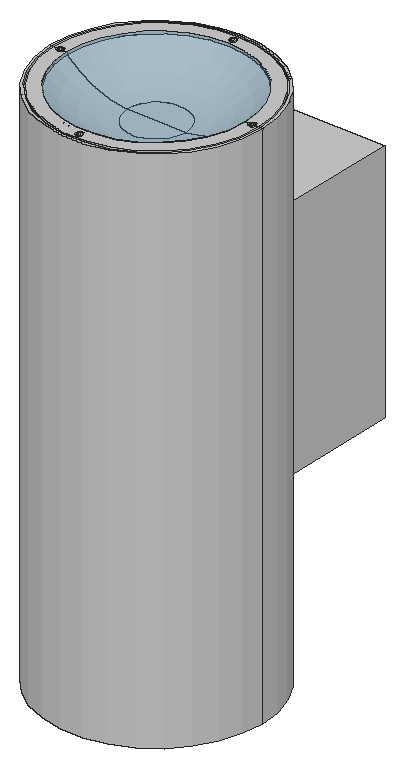
Revit family "WALL DOUBLE TUBE 01_AM16W.1.24", category Luminarias, Revit 2019
Family settings
  Cota de conector redondo = Diámetro de uso
  Tipo de pieza = Normal
  Se basa en plano de trabajo = Sí
  Siempre vertical = No
  Corte con vacíos al cargar = No
  Origen de luz = Sí
  Compartido = No
  Punto de cálculo de habitación = No
Parameters (values of type "WALL DOUBLE TUBE 01_AM16W.1.24")
  Ángulo de inclinación = 60.00°
  Zone [instance] = ""
  Watt per fixture = 20
  Wattage = 20 W
  built-in parameter 1150107 = 3000 (stored number, unit not read)
  built-in parameter 1150110 = 1 (stored number, unit not read)
  built-in parameter 1150109 = 1 (stored number, unit not read)
  built-in parameter 1150112 = 1 (stored number, unit not read)
  built-in parameter 1150113 = 1 (stored number, unit not read)
  built-in parameter 1114218 = 1 (stored number, unit not read)
  Keynote = ""
  built-in parameter 1150137 = (empty or 0)
  built-in parameter 1150132 = (empty or 0)
  Modelo = "AM16W.1.24"
  Lámpara = "NICHIA"
  built-in parameter 1150105 = 156.93 (stored number, unit not read)
  built-in parameter 1150102 = (empty or 0)
  built-in parameter 1150106 = 1.5693 (stored number, unit not read)
  Lumens = 1972 lm
  Color Filter = 16777215
  built-in parameter 1114217 = 1 (stored number, unit not read)
  built-in parameter 1150139 = (empty or 0)
  Fabricante = "BRILLANT"
  Default Elevation = 0 mm
  built-in parameter 1150104 = 9.1602 (stored number, unit not read)
  Descripción = "LUMINARIA DIRIGIBLE EN FORMA TUBULAR TIPO ARBOTANTE DOBLE DE HAZ (UP & DOWN), DE MATERIAL EN ALEACION DE ALUMINIO EXTRUIDO CON UN PESO DE 1.5KG, CON 2 LED TIPO NICHIA CON UNA POTENCIA TOTAL DE 20W, 2X986 LUMENES, TEMPERATURA EN BLANCO CALIDO 3000K, IRC 80, IP 65, IK10, APERTURA DE  24 GRADOS EN STOCK, CORRIENTE DE OPERACIÓN 163mA, CABLE DE 0.3M, ALIMENTADO A 100-277VAC"
  built-in parameter 1150115 = 1 (stored number, unit not read)
  built-in parameter 1150114 = 1 (stored number, unit not read)
  Comentarios de vataje = "100-277V"
  built-in parameter 1150138 = (empty or 0)
  built-in parameter 1150134 = (empty or 0)
  Circuit [instance] = ""
  Dimming Lamp Color Temperature Shift = (empty or 0)
  Archivo de red fotométrica = "AM16W.1_24º.IES"
  built-in parameter 1150133 = 10 (stored number, unit not read)
Reference planes
  plane 1 "Centro (Frontal/Posterior)": y = 0
  plane 2: z = 0
  plane 3 "Centro (Izquierda/Derecha)": x = 0
Forms (mm)
  Revolve 1, solid, material "Cristal", not visible
    sketch origin (-152, 0, 0) x (0, 1, 0) y (0, 0, -1)
      loop
        line (0, -8.749) -> (0, -7.25) -> (-1.499, -7.25)
        arc (-1.499, -7.25) -> (-1.06, -8.31) -> (0, -8.749) r 1.499
      axis (0, -7.25) -> (-1.499, -7.25)
    angle from 0 to 360
  Revolve 2, solid, material "Cristal", not visible
    sketch origin (-136, 0, 0) x (0, 1, 0) y (0, 0, -1)
      loop
        line (0, -8.749) -> (0, -7.25) -> (-1.499, -7.25)
        arc (-1.499, -7.25) -> (-1.06, -8.31) -> (0, -8.749) r 1.499
      axis (0, -7.25) -> (-1.499, -7.25)
    angle from 0 to 360
  Revolve 3, solid, material "Cristal", not visible
    sketch origin (-120, 0, 0) x (0, 1, 0) y (0, 0, -1)
      loop
        line (0, -8.749) -> (0, -7.25) -> (-1.499, -7.25)
        arc (-1.499, -7.25) -> (-1.06, -8.31) -> (0, -8.749) r 1.499
      axis (0, -7.25) -> (-1.499, -7.25)
    angle from 0 to 360
  Revolve 4, solid, material "Cristal", not visible
    sketch origin (-104, 0, 0) x (0, 1, 0) y (0, 0, -1)
      loop
        line (0, -8.749) -> (0, -7.25) -> (-1.499, -7.25)
        arc (-1.499, -7.25) -> (-1.06, -8.31) -> (0, -8.749) r 1.499
      axis (0, -7.25) -> (-1.499, -7.25)
    angle from 0 to 360
  Revolve 5, solid, material "Cristal", not visible
    sketch origin (-88, 0, 0) x (0, 1, 0) y (0, 0, -1)
      loop
        line (0, -8.749) -> (0, -7.25) -> (-1.499, -7.25)
        arc (-1.499, -7.25) -> (-1.06, -8.31) -> (0, -8.749) r 1.499
      axis (0, -7.25) -> (-1.499, -7.25)
    angle from 0 to 360
  Revolve 6, solid, material "Cristal", not visible
    sketch origin (-72, 0, 0) x (0, 1, 0) y (0, 0, -1)
      loop
        line (0, -8.749) -> (0, -7.25) -> (-1.499, -7.25)
        arc (-1.499, -7.25) -> (-1.06, -8.31) -> (0, -8.749) r 1.499
      axis (0, -7.25) -> (-1.499, -7.25)
    angle from 0 to 360
  Revolve 7, solid, material "Cristal", not visible
    sketch origin (-56, 0, 0) x (0, 1, 0) y (0, 0, -1)
      loop
        line (0, -8.749) -> (0, -7.25) -> (-1.499, -7.25)
        arc (-1.499, -7.25) -> (-1.06, -8.31) -> (0, -8.749) r 1.499
      axis (0, -7.25) -> (-1.499, -7.25)
    angle from 0 to 360
  Revolve 8, solid, material "Cristal", not visible
    sketch origin (-40, 0, 0) x (0, 1, 0) y (0, 0, -1)
      loop
        line (0, -8.749) -> (0, -7.25) -> (-1.499, -7.25)
        arc (-1.499, -7.25) -> (-1.06, -8.31) -> (0, -8.749) r 1.499
      axis (0, -7.25) -> (-1.499, -7.25)
    angle from 0 to 360
  Revolve 9, solid, material "Cristal", not visible
    sketch origin (-24, 0, 0) x (0, 1, 0) y (0, 0, -1)
      loop
        line (0, -8.749) -> (0, -7.25) -> (-1.499, -7.25)
        arc (-1.499, -7.25) -> (-1.06, -8.31) -> (0, -8.749) r 1.499
      axis (0, -7.25) -> (-1.499, -7.25)
    angle from 0 to 360
  Revolve 10, solid, material "Cristal", not visible
    sketch origin (-8, 0, 0) x (0, 1, 0) y (0, 0, -1)
      loop
        line (0, -8.749) -> (0, -7.25) -> (-1.499, -7.25)
        arc (-1.499, -7.25) -> (-1.06, -8.31) -> (0, -8.749) r 1.499
      axis (0, -7.25) -> (-1.499, -7.25)
    angle from 0 to 360
  Revolve 11, solid, material "Cristal", not visible
    sketch origin (8, 0, 0) x (0, 1, 0) y (0, 0, -1)
      loop
        line (0, -8.749) -> (0, -7.25) -> (-1.499, -7.25)
        arc (-1.499, -7.25) -> (-1.06, -8.31) -> (0, -8.749) r 1.499
      axis (0, -7.25) -> (-1.499, -7.25)
    angle from 0 to 360
  Revolve 12, solid, material "Cristal", not visible
    sketch origin (24, 0, 0) x (0, 1, 0) y (0, 0, -1)
      loop
        line (0, -8.749) -> (0, -7.25) -> (-1.499, -7.25)
        arc (-1.499, -7.25) -> (-1.06, -8.31) -> (0, -8.749) r 1.499
      axis (0, -7.25) -> (-1.499, -7.25)
    angle from 0 to 360
  Revolve 13, solid, material "Cristal", not visible
    sketch origin (40, 0, 0) x (0, 1, 0) y (0, 0, -1)
      loop
        line (0, -8.749) -> (0, -7.25) -> (-1.499, -7.25)
        arc (-1.499, -7.25) -> (-1.06, -8.31) -> (0, -8.749) r 1.499
      axis (0, -7.25) -> (-1.499, -7.25)
    angle from 0 to 360
  Revolve 14, solid, material "Cristal", not visible
    sketch origin (56, 0, 0) x (0, 1, 0) y (0, 0, -1)
      loop
        line (0, -8.749) -> (0, -7.25) -> (-1.499, -7.25)
        arc (-1.499, -7.25) -> (-1.06, -8.31) -> (0, -8.749) r 1.499
      axis (0, -7.25) -> (-1.499, -7.25)
    angle from 0 to 360
  Revolve 15, solid, material "Cristal", not visible
    sketch origin (72, 0, 0) x (0, 1, 0) y (0, 0, -1)
      loop
        line (0, -8.749) -> (0, -7.25) -> (-1.499, -7.25)
        arc (-1.499, -7.25) -> (-1.06, -8.31) -> (0, -8.749) r 1.499
      axis (0, -7.25) -> (-1.499, -7.25)
    angle from 0 to 360
  Revolve 16, solid, material "Cristal", not visible
    sketch origin (88, 0, 0) x (0, 1, 0) y (0, 0, -1)
      loop
        line (0, -8.749) -> (0, -7.25) -> (-1.499, -7.25)
        arc (-1.499, -7.25) -> (-1.06, -8.31) -> (0, -8.749) r 1.499
      axis (0, -7.25) -> (-1.499, -7.25)
    angle from 0 to 360
  Revolve 17, solid, material "Cristal", not visible
    sketch origin (104, 0, 0) x (0, 1, 0) y (0, 0, -1)
      loop
        line (0, -8.749) -> (0, -7.25) -> (-1.499, -7.25)
        arc (-1.499, -7.25) -> (-1.06, -8.31) -> (0, -8.749) r 1.499
      axis (0, -7.25) -> (-1.499, -7.25)
    angle from 0 to 360
  Revolve 18, solid, material "Cristal", not visible
    sketch origin (120, 0, 0) x (0, 1, 0) y (0, 0, -1)
      loop
        line (0, -8.749) -> (0, -7.25) -> (-1.499, -7.25)
        arc (-1.499, -7.25) -> (-1.06, -8.31) -> (0, -8.749) r 1.499
      axis (0, -7.25) -> (-1.499, -7.25)
    angle from 0 to 360
  Revolve 19, solid, material "Cristal", not visible
    sketch origin (136, 0, 0) x (0, 1, 0) y (0, 0, -1)
      loop
        line (0, -8.749) -> (0, -7.25) -> (-1.499, -7.25)
        arc (-1.499, -7.25) -> (-1.06, -8.31) -> (0, -8.749) r 1.499
      axis (0, -7.25) -> (-1.499, -7.25)
    angle from 0 to 360
  Revolve 20, solid, material "Cristal", not visible
    sketch origin (152, 0, 0) x (0, 1, 0) y (0, 0, -1)
      loop
        line (0, -8.749) -> (0, -7.25) -> (-1.499, -7.25)
        arc (-1.499, -7.25) -> (-1.06, -8.31) -> (0, -8.749) r 1.499
      axis (0, -7.25) -> (-1.499, -7.25)
    angle from 0 to 360
  Revolve 21, solid, material "Acero Inoxidable"
    sketch origin (0, -72, 120.325) x (-1, 0, 0) y (0, 0, 1)
      loop
        line (0, 68.159) -> (-11.124, 68.159)
        arc (-11.124, 68.159) -> (-23.278, 71.406) -> (-33.59, 78.615) r 36.226
        line (-33.59, 78.615) -> (-33.59, 79.488) -> (-38.399, 79.488) -> (-38.399, 78.604) -> (-39.2, 78.604) -> (-39.2, 79.488) -> (-40, 79.488) -> (-40, -120.325) -> (-39.2, -120.325) -> (-39.2, -119.441) -> (-38.399, -119.441) -> (-38.399, -120.325) -> (-33.59, -120.325) -> (-33.59, -119.453)
        arc (-33.59, -119.453) -> (-23.278, -112.244) -> (-11.124, -108.997) r 36.226
        line (-11.124, -108.997) -> (0, -108.997) -> (0, 68.159)
      axis (0, 79.488) -> (0, -120.325)
    angle from 0 to 360
  Extrusion 22, solid, material "Cristal"
    sketch origin (0, 19.494, 0) x (1, 0, 0) y (0, 1, 0)
      loop
        circle (0, -91.494) r 33.59
    from 0 to 0.872
  Extrusion 23, solid, material "Acero Inoxidable"
    sketch origin (0, 0, 0) x (1, 0, 0) y (0, 1, 0)
      loop
        line (-28, 0) -> (-28, -43.434)
        arc (-28, -43.434) -> (0, -32) -> (28, -43.434) r 40
        line (28, -43.434) -> (28, 0) -> (-28, 0)
    from 66.772 to 158.395
  Extrusion 24, void
    sketch origin (0, 0, 0) x (1, 0, 0) y (0, 1, 0)
      loop
        circle (0, -35.958) r 1.283
      loop
        circle (0, -108.042) r 1.283
      loop
        circle (36.019, -72) r 1.283
      loop
        circle (-36.019, -72) r 1.283
    from 0 to 1.671
  Extrusion 25, solid, material "Acero Inoxidable"
    sketch origin (0, 0, 0) x (1, 0, 0) y (0, 1, 0)
      loop
        circle (0, -35.958) r 1.084
      loop
        line (-0.79, -35.958) -> (-0.395, -36.642) -> (0.395, -36.642) -> (0.79, -35.958) -> (0.395, -35.274) -> (-0.395, -35.274) -> (-0.79, -35.958)
      loop
        circle (36.019, -72) r 1.084
      loop
        line (35.229, -72) -> (35.624, -72.684) -> (36.414, -72.684) -> (36.809, -72) -> (36.414, -71.316) -> (35.624, -71.316) -> (35.229, -72)
      loop
        circle (-0.023, -108.042) r 1.084
      loop
        line (-0.813, -108.042) -> (-0.418, -108.726) -> (0.372, -108.726) -> (0.767, -108.042) -> (0.372, -107.358) -> (-0.418, -107.358) -> (-0.813, -108.042)
      loop
        circle (-36.019, -72) r 1.084
      loop
        line (-36.809, -72) -> (-36.414, -72.684) -> (-35.624, -72.684) -> (-35.229, -72) -> (-35.624, -71.316) -> (-36.414, -71.316) -> (-36.809, -72)
    from 0 to 1.671
  Extrusion 26, void
    sketch origin (0, 0, 0) x (1, 0, 0) y (0, 1, 0)
      loop
        circle (-14.364, -17.208) r 3.469
      loop
        circle (14.364, -17.208) r 3.469
    from 66.772 to 70.128
  Extrusion 27, solid, material "Aluminio"
    sketch origin (0, 0, 0) x (1, 0, 0) y (0, 1, 0)
      loop
        circle (-14.364, -17.208) r 3.271
      loop
        line (-16.787, -16.804) -> (-16.787, -17.613) -> (-14.764, -17.613) -> (-14.764, -19.632) -> (-13.964, -19.632) -> (-13.964, -17.613) -> (-11.941, -17.613) -> (-11.941, -16.804) -> (-13.964, -16.804) -> (-13.964, -14.785) -> (-14.764, -14.785) -> (-14.764, -16.804) -> (-16.787, -16.804)
      loop
        circle (14.364, -17.208) r 3.271
      loop
        line (11.941, -16.804) -> (11.941, -17.613) -> (13.964, -17.613) -> (13.964, -19.632) -> (14.764, -19.632) -> (14.764, -17.613) -> (16.787, -17.613) -> (16.787, -16.804) -> (14.764, -16.804) -> (14.764, -14.785) -> (13.964, -14.785) -> (13.964, -16.804) -> (11.941, -16.804)
    from 66.772 to 70.128
  Extrusion 28, solid, material "Cristal"
    sketch origin (0, 19.494, 188) x (0, -1, 0) y (1, 0, 0)
      loop
        circle (91.494, 0) r 33.59
    from 10.941 to 11.813
  Extrusion 29, void
    sketch origin (0, 0, 208) x (0, -1, 0) y (1, 0, 0)
      loop
        circle (35.958, 0) r 1.283
      loop
        circle (108.042, 0) r 1.283
      loop
        circle (72, 36.019) r 1.283
      loop
        circle (72, -36.019) r 1.283
    from -9.858 to -8.187
  Extrusion 30, solid, material "Acero Inoxidable"
    sketch origin (0, 0, 198.142) x (0, -1, 0) y (1, 0, 0)
      loop
        circle (35.958, 0) r 1.084
      loop
        line (35.958, -0.79) -> (36.642, -0.395) -> (36.642, 0.395) -> (35.958, 0.79) -> (35.274, 0.395) -> (35.274, -0.395) -> (35.958, -0.79)
      loop
        circle (72, 36.019) r 1.084
      loop
        line (72, 35.229) -> (72.684, 35.624) -> (72.684, 36.414) -> (72, 36.809) -> (71.316, 36.414) -> (71.316, 35.624) -> (72, 35.229)
      loop
        circle (108.042, -0.023) r 1.084
      loop
        line (108.042, -0.813) -> (108.726, -0.418) -> (108.726, 0.372) -> (108.042, 0.767) -> (107.358, 0.372) -> (107.358, -0.418) -> (108.042, -0.813)
      loop
        circle (72, -36.019) r 1.084
      loop
        line (72, -36.809) -> (72.684, -36.414) -> (72.684, -35.624) -> (72, -35.229) -> (71.316, -35.624) -> (71.316, -36.414) -> (72, -36.809)
    from 0 to 1.671
Cuts and joins
  Extrusion 24, Extrusion 29 cuts Revolve 21
  Extrusion 26 cuts Extrusion 23
  Extrusion 29 cuts Extrusion 25
Lines and regions (mm)
  model lines
    curve 1: line (0, 0, 0) -> (0, -112, 0)
    curve 2: line (-0.023, 0, 0) -> (2.407, 0, 0)
    curve 3: line (0, 0, 169) -> (2.982, 0, 169)
Dimensions and locks
  equal spacing: Extrusion 23 sketch curve, plane 3 "Centro (Izquierda/Derecha)", Extrusion 23 sketch curve
  Extrusion 23 sketch curve to plane 3 "Centro (Izquierda/Derecha)" = 28 mm
  Extrusion 23 sketch curve to Extrusion 23 sketch curve = 56 mm
  Extrusion 23 to Extrusion 23 = 56 mm
  Extrusion 23 to Extrusion 23 = 91.623 mm
  cut or joined group of Revolve 21, Extrusion 24, Extrusion 29 to cut or joined group of Revolve 21, Extrusion 24, Extrusion 29 = 199.813 mm
  aligned and locked: level to plane 2
  aligned and locked: Extrusion 22 to level
Connectors
  electrical at (0, 0, 112.583)
    settings: on cut or joined group of Extrusion 23, Extrusion 26, index 1, voltage 277 V, apparent load 0 VA, apparent load phase1 0 VA, apparent load phase2 0 VA, apparent load phase3 0 VA, power factor 1, load classification "Otro", number of poles 1, system type 31, power factor state 1, is connector primary yes, connector utility no, sub classification motor no, connector description ""
